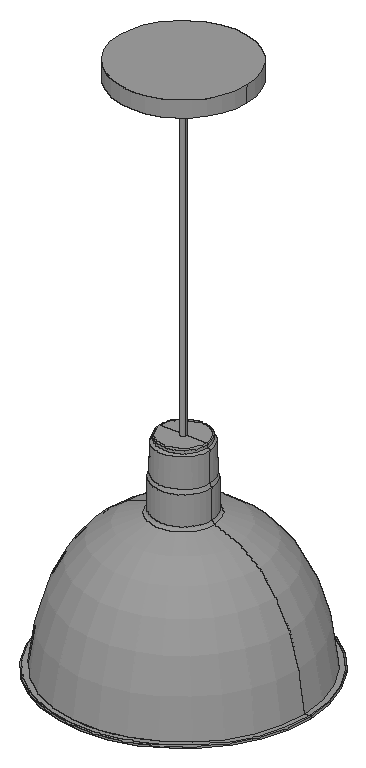
Revit family "Alcon-15240-16-Revit-Family", category Lighting Fixtures, host Ceiling, Revit 2025
Family settings
  Host = Ceiling
  Round Connector Dimension = Use Diameter
  Part Type = Normal
  Always vertical = Yes
  Cut with Voids When Loaded = No
  Light Source = Yes
  Maintain Annotation Orientation = No
  Shared = No
  Room Calculation Point = No
Parameters
  Wattage = 9.2903 W
  built-in parameter 1150110 = 1 (stored number, unit not read)
  URL = "https://www.alconlighting.com/?srsltid=AfmBOooDPhGQ0dEP-X2PMtxFfvvWpIAEL4jCll_O2F4_to5onvhnBomy"
  built-in parameter 1114217 = 1 (stored number, unit not read)
  Tilt Angle = 90.00°
  built-in parameter 1150109 = 1 (stored number, unit not read)
  built-in parameter 1150134 = 3
  built-in parameter 1150113 = 1 (stored number, unit not read)
  built-in parameter 1010507 = 1.5708 (stored number, unit not read)
  built-in parameter 1010506 = 0.5236 (stored number, unit not read)
  Product Page = "https://www.alconlighting.com/15240-16.html"
  Model = "15240-16"
  Manufacturer = "Alcon Lighting"
  built-in parameter 1150105 = 4614.1 (stored number, unit not read)
  Lumens = 1380 lm
  built-in parameter 1150115 = 1 (stored number, unit not read)
  Light Source Symbol Length = 10' - 0"
  built-in parameter 1150137 = (empty or 0)
  built-in parameter 1150139 = (empty or 0)
  built-in parameter 1150112 = 1 (stored number, unit not read)
  built-in parameter 1150114 = 1 (stored number, unit not read)
  built-in parameter 1150132 = (empty or 0)
  built-in parameter 1150102 = (empty or 0)
  built-in parameter 1150107 = 3200 (stored number, unit not read)
  built-in parameter 1150138 = (empty or 0)
  built-in parameter 1150106 = 46.141 (stored number, unit not read)
  built-in parameter 1150104 = 13.8 (stored number, unit not read)
  Dimming Lamp Color Temperature Shift = (empty or 0)
  Default Elevation = 0' - 0"
  Cord Length = 1' - 8"
  Color Filter = 16777215
  Body = Default
  built-in parameter 1114218 = 1 (stored number, unit not read)
  built-in parameter 1150133 = 10 (stored number, unit not read)
Reference planes (in)
  plane 1 "Center (Front/Back)": y = 0
  plane 2 "Ceiling": z = 96
  plane 3 "Center (Left/Right)": x = 0
Forms (in)
  Extrusion 1, solid, material "Default" <- "Body"
    sketch origin (0, 0, 96) x (1, 0, 0) y (0, 1, 0)
      loop
        circle (0, 0) r 4
    from 0 to -1
  Extrusion 2, solid, material "Default" <- "Body"
    sketch origin (0, 0, 95) x (0, 1, 0) y (1, 0, 0)
      loop
        circle (0, 0) r 0.16002
    from 0 to 20
  Revolve 3, solid, material "Default" <- "Body"
    sketch origin (0, 0, 0) x (1, 0, 0) y (0, 0, 1)
      loop
        line (0.00088, 75) -> (0.00088, 74.96875) -> (1.48386, 74.96875) -> (1.48386, 74.75237) -> (1.61518, 74.62105) -> (1.64621, 72.84376) -> (1.75457, 72.60038) -> (1.75457, 70.81471)
        arc (1.75457, 70.81471) -> (1.81374, 70.6575) -> (1.9619, 70.57833) r 0.23841
        spline (1.9619, 70.57833) -> (2.7448, 70.33898) -> (3.47051, 70.01295) -> (4.13923, 69.60016) -> (4.75113, 69.10052) -> (5.30639, 68.51392) -> (5.80498, 67.84025) -> (6.24688, 67.07935) -> (6.63203, 66.23108) -> (6.9604, 65.29534) -> (7.23191, 64.27213) -> (7.44648, 63.16146) -> (7.60403, 61.96335)
        line (7.60403, 61.96335) -> (7.96331, 61.96335) -> (7.96331, 61.8351) -> (7.99456, 61.8351) -> (7.99456, 61.94552)
        arc (7.99456, 61.94552) -> (7.98019, 61.98023) -> (7.94548, 61.9946) r 0.04908
        line (7.94548, 61.9946) -> (7.63219, 61.9946)
        spline (7.63219, 61.9946) -> (7.47347, 63.19034) -> (7.25781, 64.29919) -> (6.9852, 65.32116) -> (6.65564, 66.25624) -> (6.26913, 67.10443) -> (5.82568, 67.86573) -> (5.32528, 68.54015) -> (4.76794, 69.12768) -> (4.15365, 69.62832) -> (3.48241, 70.04208) -> (2.75422, 70.36895) -> (1.96909, 70.60893)
        arc (1.96909, 70.60893) -> (1.83828, 70.67693) -> (1.78582, 70.81471) r 0.20716
        line (1.78582, 70.81471) -> (1.78582, 72.60702) -> (1.67734, 72.85066) -> (1.64621, 74.63421) -> (1.51511, 74.76532) -> (1.51511, 74.93928)
        arc (1.51511, 74.93928) -> (1.49732, 74.98221) -> (1.45438, 75) r 0.06072
        line (1.45438, 75) -> (0.00088, 75)
      axis (0.00088, 75) -> (0.00088, 61.8351)
    angle from 0 to 360
Dimensions and locks (in)
  equal spacing: host sketch curve, plane 3 "Center (Left/Right)", host sketch curve
  equal spacing: host sketch curve, plane 1 "Center (Front/Back)", host sketch curve
  host sketch curve to host sketch curve = 10' - 0"  (x2)
  "Cord Length": Extrusion 2 to Extrusion 2
  aligned and locked: Extrusion 2 to Extrusion 1
  aligned and locked: Extrusion 2 to Revolve 3 sketch curve
  aligned and locked: imposter light to Revolve 3
Automatic sketch dimensions
  plane 1 "Center (Front/Back)" to Extrusion 1 sketch curve = 0' - 0"
  Extrusion 1 sketch curve to plane 3 "Center (Left/Right)" = 0' - 0"
  Revolve 3 sketch curve to Revolve 3 sketch curve = 0' - 0"  (x3)
  plane 3 "Center (Left/Right)" to Revolve 3 sketch curve = 0' - 0.00088"
  Revolve 3 sketch curve to Revolve 3 sketch curve = 0' - 1.4535"
  Revolve 3 sketch curve to Revolve 3 sketch curve = 0' - 0.02947"
  Revolve 3 sketch curve to Revolve 3 sketch curve = 0' - 0 1/32"  (x4)
  Revolve 3 sketch curve to Revolve 3 sketch curve = 0' - 0.10008"
  Revolve 3 sketch curve to Revolve 3 sketch curve = 0' - 0.03102"  (x2)
  Revolve 3 sketch curve to Revolve 3 sketch curve = 0' - 0.03113"
  Revolve 3 sketch curve to Revolve 3 sketch curve = 0' - 0.07723"
  Revolve 3 sketch curve to Revolve 3 sketch curve = 0' - 0.17608"
  Revolve 3 sketch curve to Revolve 3 sketch curve = 0' - 0.00719"
  Revolve 3 sketch curve to Revolve 3 sketch curve = 0' - 0.20716"
  Revolve 3 sketch curve to Revolve 3 sketch curve = 0' - 5.64214"
  Revolve 3 sketch curve to Revolve 3 sketch curve = 0' - 0.02815"
  Revolve 3 sketch curve to Revolve 3 sketch curve = 0' - 0.31329"
  Revolve 3 sketch curve to Revolve 3 sketch curve = 0' - 0.01783"  (x2)
  Revolve 3 sketch curve to Revolve 3 sketch curve = 0' - 0.17396"
  Revolve 3 sketch curve to Revolve 3 sketch curve = 0' - 0.01294"
  Revolve 3 sketch curve to Revolve 3 sketch curve = 0' - 0.1311"
  Revolve 3 sketch curve to Revolve 3 sketch curve = 0' - 0.01317"
  Revolve 3 sketch curve to Revolve 3 sketch curve = 0' - 1.77038"
  Revolve 3 sketch curve to Revolve 3 sketch curve = 0' - 0.0069"
  Revolve 3 sketch curve to Revolve 3 sketch curve = 0' - 0.24364"
  Revolve 3 sketch curve to Revolve 3 sketch curve = 0' - 0.00664"
  Revolve 3 sketch curve to Revolve 3 sketch curve = 0' - 1.78567"
  Revolve 3 sketch curve to Revolve 3 sketch curve = 0' - 8.58373"
  Revolve 3 sketch curve to Revolve 3 sketch curve = 0' - 0.33961"
  Revolve 3 sketch curve to Revolve 3 sketch curve = 0' - 0.08743"
  Revolve 3 sketch curve to Revolve 3 sketch curve = 0' - 0.11042"
  radius of Extrusion 1 sketch curve = 0' - 4"
  radius of Extrusion 2 sketch curve to Extrusion 1 = 0' - 3.83998"
